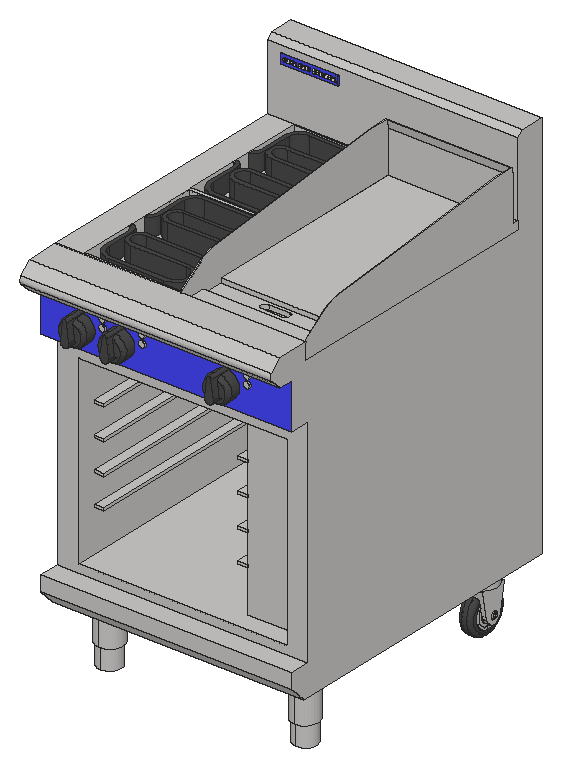
Revit family "QF_MOFFAT_BLUESEAL_CE_E514C-CB", category Specialty Equipment, Revit 2012 (continued)
Definition of nested family "ELECTRIC BURNER & GRIDDLE 600"
  Lines and regions (mm)
    symbolic lines
      curve 81: line (600, -635, 0) -> (600, 0, 0)
      curve 82: line (600, 0, 0) -> (0, 0, 0)
      curve 83: line (65.8, -320.251, 0) -> (294.362, -320.251, 0)
      curve 84: line (294.362, -320.251, 0) -> (294.362, -630, 0)
      curve 85: line (294.362, -630, 0) -> (65.8, -630, 0)
      curve 86: line (65.8, -630, 0) -> (65.8, -320.251, 0)
      curve 87: line (65.8, -312.651, 0) -> (65.8, -5, 0)
      curve 88: line (65.8, -5, 0) -> (294.362, -5, 0)
      curve 89: line (294.362, -5, 0) -> (294.362, -312.651, 0)
      curve 90: line (294.362, -312.651, 0) -> (65.8, -312.651, 0)
  Dimensions and locks
    equal spacing: plane 3 "LEFT", plane 7 "Center Y", plane 4 "RIGHT"
    "Width": plane 3 "LEFT" to plane 4 "RIGHT"
    equal spacing: plane 5 "FRONT", plane 8 "Center X", plane 1 "BACK"
    "Depth": plane 5 "FRONT" to plane 1 "BACK"
    aligned and locked: level to plane 2
  Automatic sketch dimensions
    Extrusion 2 sketch curve to Extrusion 2 sketch curve = 0.00 mm  (x35)
    plane 1 "BACK" to Extrusion 2 sketch curve = 9.75 mm
    Extrusion 2 sketch curve to Extrusion 2 sketch curve = 10.00 mm  (x2)
    plane 1 "BACK" to Extrusion 2 sketch curve = 45.214 mm
    Extrusion 2 sketch curve to Extrusion 2 sketch curve = 0.182 mm  (x4)
    Extrusion 2 sketch curve to Extrusion 2 sketch curve = 26.704 mm  (x3)
    Extrusion 2 sketch curve to Extrusion 2 sketch curve = 27.70 mm  (x8)
    Extrusion 2 sketch curve to Extrusion 2 sketch curve = 17.70 mm  (x4)
    Extrusion 2 sketch curve to Extrusion 2 sketch curve = 4.457 mm
    Extrusion 2 sketch curve to Extrusion 2 sketch curve = 0.40 mm
    Extrusion 2 sketch curve to Extrusion 2 sketch curve = 0.111 mm  (x2)
    Extrusion 2 sketch curve to Extrusion 2 sketch curve = 14.806 mm
    Extrusion 2 sketch curve to Extrusion 2 sketch curve = 10.393 mm
    Extrusion 2 sketch curve to Extrusion 2 sketch curve = 33.826 mm
    Extrusion 2 sketch curve to Extrusion 2 sketch curve = 10.413 mm  (x2)
    Extrusion 2 sketch curve to Extrusion 2 sketch curve = 14.364 mm
    Extrusion 2 sketch curve to Extrusion 2 sketch curve = 0.123 mm  (x2)
    Extrusion 2 sketch curve to Extrusion 2 sketch curve = 0.447 mm  (x2)
    Extrusion 2 sketch curve to Extrusion 2 sketch curve = 1.058 mm  (x3)
    Extrusion 2 sketch curve to plane 8 "Center X" = 4.75 mm
    Extrusion 2 sketch curve to plane 8 "Center X" = 40.214 mm
    Extrusion 2 sketch curve to Extrusion 2 sketch curve = 4.516 mm
    Extrusion 2 sketch curve to Extrusion 2 sketch curve = 14.934 mm
    Extrusion 2 sketch curve to Extrusion 2 sketch curve = 33.70 mm
    Extrusion 2 sketch curve to Extrusion 2 sketch curve = 10.306 mm
    Extrusion 2 sketch curve to Extrusion 2 sketch curve = 14.508 mm
    Extrusion 2 sketch curve to Extrusion 2 sketch curve = 15.019 mm
    plane 3 "LEFT" to Extrusion 2 sketch curve = 59.946 mm  (x2)
    plane 3 "LEFT" to Extrusion 2 sketch curve = 60.128 mm  (x2)
    Extrusion 2 sketch curve to Extrusion 2 sketch curve = 4.872 mm
    Extrusion 2 sketch curve to Extrusion 2 sketch curve = 5.667 mm  (x2)
    Extrusion 2 sketch curve to Extrusion 2 sketch curve = 5.484 mm
    Extrusion 2 sketch curve to Extrusion 2 sketch curve = 26.701 mm  (x4)
    Extrusion 2 sketch curve to Extrusion 2 sketch curve = 0.999 mm  (x2)
    Extrusion 2 sketch curve to Extrusion 2 sketch curve = 0.156 mm
    Extrusion 2 sketch curve to Extrusion 2 sketch curve = 0.625 mm
    Extrusion 2 sketch curve to Extrusion 2 sketch curve = 1.25 mm  (x2)
    Extrusion 2 sketch curve to plane 7 "Center Y" = 53.788 mm  (x3)
    curve 1 to plane 4 "RIGHT" = 0.00 mm
    curve 1 to plane 3 "LEFT" = 0.00 mm
    plane 5 "FRONT" to curve 1 = 0.00 mm
    plane 3 "LEFT" to curve 3 = 65.80 mm
    curve 5 to plane 5 "FRONT" = 0.299 mm
    curve 5 to plane 7 "Center Y" = 5.638 mm
    plane 7 "Center Y" to curve 5 = 5.638 mm
    curve 4 to plane 8 "Center X" = 2.751 mm
    curve 8 to curve 34 = 0.00 mm  (x2)
    curve 12 to curve 30 = 0.00 mm  (x2)
    curve 16 to curve 26 = 0.00 mm  (x2)
    curve 18 to curve 24 = 0.00 mm  (x2)
    curve 20 to curve 22 = 0.00 mm  (x2)
    curve 36 to curve 42 = 0.00 mm  (x2)
    curve 38 to curve 40 = 0.00 mm  (x2)
    plane 3 "LEFT" to curve 20 = 59.946 mm
    plane 3 "LEFT" to curve 40 = 60.128 mm
    curve 38 to curve 39 = 5.484 mm
    curve 20 to curve 22 = 5.667 mm
    curve 20 to curve 22 = 15.967 mm
    curve 22 to curve 20 = 10.00 mm
    curve 37 to curve 42 = 10.00 mm
    curve 41 to curve 42 = 26.701 mm
    curve 19 to curve 24 = 26.701 mm
    curve 19 to curve 28 = 27.70 mm
    curve 41 to curve 31 = 27.70 mm
    curve 18 to curve 18 = 0.999 mm
    curve 36 to curve 7 = 0.999 mm
    curve 32 to curve 11 = 0.156 mm
    curve 42 to curve 35 = 0.172 mm
    curve 17 to curve 25 = 0.172 mm
    curve 28 to curve 14 = 0.625 mm
    curve 26 to plane 7 "Center Y" = 53.788 mm
    curve 13 to curve 26 = 0.00 mm
    plane 1 "BACK" to curve 35 = 9.75 mm
    plane 8 "Center X" to curve 25 = 10.75 mm
    curve 24 to curve 17 = 10.00 mm
    curve 16 to curve 26 = 27.70 mm
    curve 27 to curve 14 = 17.70 mm
    curve 28 to curve 14 = 0.00 mm
    curve 20 to curve 28 = 4.516 mm
    curve 20 to curve 22 = 0.447 mm
    curve 22 to curve 20 = 0.123 mm
    curve 12 to curve 30 = 27.70 mm
    curve 20 to curve 39 = 33.826 mm
    curve 39 to curve 38 = 10.393 mm
    curve 38 to curve 40 = 14.296 mm
    curve 31 to curve 32 = 17.70 mm
    curve 32 to curve 10 = 0.00 mm
    curve 36 to curve 42 = 26.704 mm
    curve 46 to curve 64 = 0.00 mm  (x2)
    curve 50 to curve 60 = 0.00 mm  (x2)
    curve 52 to curve 58 = 0.00 mm  (x2)
    curve 54 to curve 56 = 0.00 mm  (x2)
    curve 68 to curve 78 = 0.00 mm  (x2)
    curve 70 to curve 76 = 0.00 mm  (x2)
    curve 72 to curve 74 = 0.00 mm  (x2)
    plane 3 "LEFT" to curve 72 = 59.946 mm
    plane 3 "LEFT" to curve 54 = 60.128 mm
    curve 54 to curve 54 = 4.872 mm
    curve 72 to curve 74 = 5.667 mm
    curve 2 to curve 58 = 10.112 mm
    curve 3 to curve 70 = 10.112 mm
    curve 72 to curve 74 = 10.00 mm
    curve 56 to curve 53 = 10.00 mm
    curve 53 to curve 58 = 26.701 mm
    curve 75 to curve 70 = 26.701 mm
    curve 52 to curve 52 = 0.999 mm
    curve 52 to curve 61 = 0.999 mm
    curve 74 to curve 65 = 27.70 mm
    curve 76 to plane 8 "Center X" = 14.75 mm
    curve 76 to curve 24 = 0.172 mm
    curve 77 to curve 70 = 0.172 mm
    curve 52 to curve 59 = 0.172 mm
    curve 66 to curve 44 = 1.25 mm
    curve 62 to curve 49 = 1.25 mm
    curve 47 to plane 7 "Center Y" = 53.788 mm
    curve 51 to plane 5 "FRONT" = 25.75 mm
    curve 51 to plane 7 "Center Y" = 53.788 mm
    curve 67 to curve 65 = 0.00 mm
    curve 59 to curve 52 = 10.00 mm
    curve 51 to curve 57 = 25.464 mm
    curve 51 to curve 50 = 27.70 mm
    curve 62 to curve 48 = 17.70 mm
    curve 62 to curve 48 = 0.00 mm
    curve 54 to curve 62 = 4.457 mm
    curve 54 to curve 56 = 0.40 mm
    curve 56 to curve 54 = 0.111 mm
    curve 46 to curve 46 = 27.70 mm
    curve 55 to curve 73 = 33.70 mm
    curve 74 to curve 72 = 10.413 mm
    curve 72 to curve 75 = 14.364 mm
    curve 65 to curve 66 = 17.70 mm
    curve 66 to curve 44 = 0.00 mm
    curve 70 to curve 76 = 26.704 mm
    Extrusion 1 sketch curve to plane 9 = 0.00 mm  (x2)
    Extrusion 1 sketch curve to plane 3 "LEFT" = 0.00 mm
    plane 5 "FRONT" to Extrusion 1 sketch curve = 0.00 mm
    plane 1 "BACK" to Extrusion 1 sketch curve = 5.00 mm
    plane 8 "Center X" to Extrusion 1 sketch curve = 4.849 mm
    Extrusion 1 sketch curve to plane 8 "Center X" = 2.751 mm
    Extrusion 1 sketch curve to plane 5 "FRONT" = 5.00 mm
    Extrusion 1 sketch curve to plane 7 "Center Y" = 5.638 mm  (x2)
    plane 7 "Center Y" to Extrusion 1 sketch curve = 0.00 mm
    curve 4 to plane 7 "Center Y" = 5.638 mm
    curve 38 to curve 37 = 15.784 mm
    curve 7 to plane 7 "Center Y" = 53.788 mm
    curve 17 to curve 24 = 25.464 mm
    plane 1 "BACK" to curve 81 = 0.00 mm
    curve 85 to plane 5 "FRONT" = 5.00 mm
    curve 90 to curve 3 = 0.00 mm
    curve 89 to plane 7 "Center Y" = 5.638 mm
    plane 8 "Center X" to curve 87 = 4.849 mm
    plane 1 "BACK" to curve 89 = 5.00 mm
    plane 1 "BACK" to Extrusion 1 sketch curve = 0.00 mm
    plane 4 "RIGHT" to curve 6 = 65.612 mm
  Nested families
    nested 1: "ELECTRIC GRIDDLE PLATE 300" at (300, -15, 0), type "ELECTRIC GRIDDLE PLATE 300"
      with Width 300.00 mm, Type Mark "", Status "", Specification by User "", Show Clearance yes, Revision Code "", Number of Poles 1, Mechanical Remarks "", Mechanical Connection Type "", Item Number "", Installed By "", Identify Quantity as Lot yes, Gas RI Height 0.00 mm, Gas KW 0, Gas Input 0.0 Btu/h, Furnished By "", Foodservice Equipment Identifier yes, Electrical Remarks "", Electric Connection Type "", Elec Conn RI Height 0.00 mm, Elec Conn Connection Height 0.00 mm, Depth 620.00 mm
  Definition of nested family "ELECTRIC GRIDDLE PLATE 300"
    Parameters (values of type "ELECTRIC GRIDDLE PLATE 300")
      Width [instance] = 300.00 mm
      Weight in Pounds = 0
      Watts = 0 W
      Volts = 0 V
      URL Cutsheet = ""
      Type Mark [instance] = ""
      Status [instance] = ""
      Specification by User [instance] = ""
      Specification by Manufacturer = ""
      Show Clearance [instance] = yes
      Serial Number = ""
      Seismic Rating = ""
      SMACNA No = ""
      Revision Code [instance] = ""
      Phase = 1
      Omniclass Number and Title = ""
      Number of Poles [instance] = 1
      NAFEM Spec ID Number = ""
      Min Ckt Ampacity = 0 A
      Mechanical Remarks [instance] = ""
      Mechanical Connection Type [instance] = ""
      Max Overcurrent Protection = 0 A
      Masterspec = ""
      Item Number [instance] = ""
      Installed By [instance] = ""
      Identify Quantity as Lot [instance] = yes
      HP = ""
      Gas Size = 0"
      Gas RI Height [instance] = 0.00 mm
      Gas KW [instance] = 0
      Gas Input [instance] = 0.0 Btu/h
      Gas Connection Height = 0.00 mm
      Furnished By [instance] = ""
      Foodservice Equipment Identifier [instance] = yes
      FL Amps = 0 A
      Electrical Remarks [instance] = ""
      Electric Connection Type [instance] = ""
      Elec Conn RI Height [instance] = 0.00 mm
      Elec Conn Connection Height [instance] = 0.00 mm
      Depth [instance] = 620.00 mm
      Cycle = 0 Hz
      Conn Plug = ""
      Conn Conduit = yes
      CSI MasterFormat = ""
      CSI Master Format = ""
      Apparent Power = if(Phase = 3, Volts * FL Amps * 1.73, Volts * FL Amps)  # 0 VA
    Reference planes
      plane 1 "BACK": y = 0
      plane 2: z = 0
      plane 3 "LEFT": x = 0
      plane 4 "RIGHT": x = 300
      plane 5 "FRONT": y = -620
      plane 6 "TOP": z = 142.5
      plane 7 "Center Y": x = 150
      plane 8 "Center X": y = -310
      plane 9: y = -530.997
      plane 10: y = -541.497
      plane 11: y = -503.25
      plane 12: y = -557.737
    Forms (mm)
      Extrusion 1, solid, material "QF_Finishes_Stainless Steel"
        sketch origin (0, 70.003, -874.5) x (0, 1, 0) y (0, 0, 1)
          loop
            line (-70, 875) -> (-70, 997.489) -> (-75.228, 1017) -> (-117.24, 1017) -> (-589.533, 971.523)
            arc (-589.533, 971.523) -> (-614.56, 965.803) -> (-637.306, 953.899) r 100
            line (-637.306, 953.899) -> (-690.003, 917) -> (-690.003, 875) -> (-70, 875)
        from 0 to 1.8
      Extrusion 2, solid, material "QF_Finishes_Stainless Steel"
        sketch origin (600, 70.003, -874.5) x (0, -1, 0) y (0, 0, 1)
          loop
            line (70, 875) -> (690.003, 875) -> (690.003, 917) -> (637.306, 953.899)
            arc (637.306, 953.899) -> (614.56, 965.803) -> (589.533, 971.523) r 100
            line (589.533, 971.523) -> (117.24, 1017) -> (75.228, 1017) -> (70, 997.489) -> (70, 875)
        from 300 to 301.2
      Extrusion 3, solid, material "QF_Finishes_Stainless Steel"
        sketch origin (150, 70.003, -874.5) x (0, 1, 0) y (0, 0, 1)
          loop
            line (-55, 895) -> (-573.253, 895) -> (-573.253, 884.5) -> (-627.74, 884.5) -> (-627.74, 895) -> (-690.003, 895) -> (-690.003, 875) -> (-55, 875) -> (-55, 895)
        from -148.2 to 150
      Extrusion 4, void
        sketch origin (150, -541.497, 10) x (0, -1, 0) y (1, 0, 0)
          loop
            arc (-7.497, 25) -> (-17.497, 35) -> (-27.497, 25) r 10
            line (-27.497, 25) -> (-27.497, -25)
            arc (-27.497, -25) -> (-17.497, -35) -> (-7.497, -25) r 10
            line (-7.497, -25) -> (-7.497, 25)
        from -41.4 to 40.142
      Extrusion 5, solid, material "QF_Finishes_Stainless Steel"
        sketch origin (0, 70.003, -874.5) x (0, 1, 0) y (0, 0, 1)
          loop
            line (-70, 875) -> (-70, 997.489) -> (-75.228, 1017) -> (-76.884, 1017) -> (-71.6, 997.278) -> (-71.6, 875) -> (-70, 875)
        from 0 to 298.8
    Cuts and joins
      Extrusion 4 cuts Extrusion 3
      joined: Extrusion 1, Extrusion 2, Extrusion 3, Extrusion 5
    Lines and regions (mm)
      symbolic lines
        curve 1: line (298.8, -503.25, 0) -> (1.8, -503.25, 0)
        curve 2: line (1.8, -557.737, 0) -> (298.8, -557.737, 0)
        curve 3: line (1.8, -1.68, 0) -> (298.8, -1.68, 0)
        curve 4: line (298.8, -1.68, 0) -> (298.8, -620, 0)
        curve 5: line (1.8, -620, 0) -> (1.8, -1.68, 0)
        curve 6: line (1.8, -620, 0) -> (298.8, -620, 0)
        curve 7: arc (175, -534, 0) -> (185, -524, 0) -> (175, -514, 0) r 10
        curve 8: line (175, -514, 0) -> (125, -514, 0)
        curve 9: arc (125, -514, 0) -> (115, -524, 0) -> (125, -534, 0) r 10
        curve 10: line (125, -534, 0) -> (175, -534, 0)
    Dimensions and locks
      equal spacing: plane 3 "LEFT", plane 7 "Center Y", plane 4 "RIGHT"
      "Width": plane 3 "LEFT" to plane 4 "RIGHT"
      equal spacing: plane 5 "FRONT", plane 8 "Center X", plane 1 "BACK"
      "Depth": plane 5 "FRONT" to plane 1 "BACK"
      locked: Extrusion 2 to Extrusion 2 at 1.2
      equal spacing: Extrusion 4 sketch curve, plane 7 "Center Y", Extrusion 4 sketch curve, locked at 35 each
      aligned and locked: level to plane 2
      aligned and locked: Extrusion 2 to plane 4 "RIGHT"
      aligned and locked: curve 1 to plane 11
      aligned and locked: plane 12 to curve 2
      aligned and locked: Extrusion 5 to cut or joined group of Extrusion 1, Extrusion 2, Extrusion 3, Extrusion 4, Extrusion 5
    Automatic sketch dimensions
      plane 5 "FRONT" to curve 6 = 0.00 mm
      plane 3 "LEFT" to curve 6 = 1.80 mm
      plane 11 to curve 8 = 10.75 mm
      curve 8 to plane 7 "Center Y" = 25.00 mm
      plane 7 "Center Y" to curve 7 = 25.00 mm
      plane 4 "RIGHT" to curve 4 = 1.20 mm
      curve 10 to curve 7 = 20.00 mm
      plane 1 "BACK" to curve 3 = 1.68 mm
      Extrusion 1 sketch curve to plane 5 "FRONT" = 0.00 mm
      Extrusion 1 sketch curve to plane 6 "TOP" = 0.00 mm
      plane 12 to Extrusion 1 sketch curve = 9.566 mm
      plane 11 to Extrusion 1 sketch curve = 16.28 mm
      Extrusion 1 sketch curve to level = 2.516 mm
      plane 11 to Extrusion 1 sketch curve = 6.695 mm
      plane 1 "BACK" to Extrusion 1 sketch curve = 47.237 mm
      plane 1 "BACK" to Extrusion 1 sketch curve = 5.225 mm
      Extrusion 1 sketch curve to plane 1 "BACK" = 0.003 mm
      level to Extrusion 1 sketch curve = 0.50 mm
      Extrusion 1 sketch curve to Extrusion 1 sketch curve = 42.00 mm
      Extrusion 1 sketch curve to plane 6 "TOP" = 63.101 mm
      Extrusion 1 sketch curve to plane 6 "TOP" = 19.511 mm
      Extrusion 2 sketch curve to plane 6 "TOP" = 0.00 mm
      Extrusion 2 sketch curve to plane 5 "FRONT" = 0.00 mm
      plane 12 to Extrusion 2 sketch curve = 9.566 mm
      plane 11 to Extrusion 2 sketch curve = 16.28 mm
      Extrusion 2 sketch curve to level = 2.516 mm
      plane 11 to Extrusion 2 sketch curve = 6.695 mm
      plane 1 "BACK" to Extrusion 2 sketch curve = 47.237 mm
      plane 1 "BACK" to Extrusion 2 sketch curve = 5.225 mm
      Extrusion 2 sketch curve to plane 1 "BACK" = 0.003 mm
      level to Extrusion 2 sketch curve = 0.50 mm
      Extrusion 2 sketch curve to Extrusion 2 sketch curve = 42.00 mm
      Extrusion 2 sketch curve to plane 6 "TOP" = 63.101 mm
      Extrusion 2 sketch curve to plane 6 "TOP" = 19.511 mm
      Extrusion 3 sketch curve to plane 5 "FRONT" = 0.00 mm
      Extrusion 3 sketch curve to plane 12 = 0.00 mm
      Extrusion 3 sketch curve to plane 11 = 0.00 mm
      Extrusion 3 sketch curve to plane 1 "BACK" = 15.003 mm
      level to Extrusion 3 sketch curve = 0.50 mm
      level to Extrusion 3 sketch curve = 10.00 mm
      Extrusion 3 sketch curve to Extrusion 3 sketch curve = 10.50 mm  (x2)
      plane 11 to Extrusion 4 sketch curve = 10.75 mm
      Extrusion 4 sketch curve to Extrusion 4 sketch curve = 10.00 mm
      Extrusion 4 sketch curve to plane 7 "Center Y" = 25.00 mm
      plane 1 "BACK" to Extrusion 5 sketch curve = 5.225 mm
      Extrusion 5 sketch curve to plane 1 "BACK" = 0.003 mm
      Extrusion 5 sketch curve to plane 6 "TOP" = 19.511 mm
      Extrusion 5 sketch curve to Extrusion 5 sketch curve = 1.60 mm
      Extrusion 5 sketch curve to Extrusion 5 sketch curve = 0.211 mm
      Extrusion 5 sketch curve to plane 6 "TOP" = 0.00 mm
      Extrusion 5 sketch curve to Extrusion 5 sketch curve = 1.656 mm
      level to Extrusion 5 sketch curve = 0.50 mm
